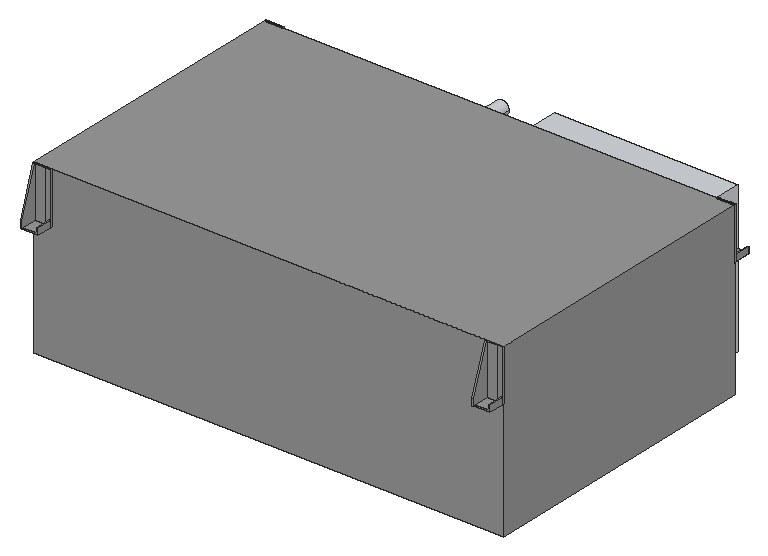
Revit family "НЕВАТОМ_Neiva 2 подвесная С-W-R 1500, Версия 2", category Оборудование, Revit 2017
Family settings
  Размер круглого соединителя = Использовать диаметр
  Тип детали = Нормальный
  На основе рабочей плоскости = Да
  Всегда вертикально = Нет
  При загрузке вырезать с полостями = Нет
  Общий = Нет
  Точка расчета площади = Нет
Parameters (values of type "C-1500-W-R")
  расстояние справа от щита = 592 mm
  расстояние до щита = 0 mm
  п5 = 468 mm
  п4 = 418 mm
  п3 = 230 mm
  п2 = 178 mm
  п1 = 128 mm
  длина щита = 440 mm
  длина ПВУ = 1130 mm
  глубина щита = 100 mm
  глубина ПВУ = 694 mm
  высота щита = 360 mm
  высота ПВУ = 410 mm
  вводный канал с = 945 mm
  вводный канал а = 946 mm
  вводный канал d = 255.081 mm
  вводный канал b = 68 mm
  Питание, В = "220"
  Default Elevation = 0 mm
  А6 = 340 mm
  s = 16.514 mm
  m = 38.324 mm
  k  длина = 313 mm
  g6 = 200 mm
  g5 = 240 mm
  g4 = 75 mm
  g3 = 130 mm
  g1 = 18 mm
  f6 = 24.614 mm
  f5 = 64.614 mm
  f4 = 63.91 mm
  f3 = 44.614 mm
  f2 = 44.614 mm
  f1 = 39.65 mm
  d вниз = 60 mm
  c низ влево = 620 mm
  b4 = 75 mm
  b3 = 126 mm
  b2 = 174 mm
  b1 = 272 mm
  b вверх = 80 mm
  a влево = 578 mm
  PG = 0 mm
  Nevatom_Регулятор воздуха = ""
  Nevatom_Производительность = ""
  Nevatom_Напорная характеристика, Р1 = 200.0 Pa
  Nevatom_Напорная характеристика, P = 0.0 Pa
  Nevatom_Мощность нагревателя = 0 W
  Nevatom_Для задания электроснабжения = ""
  Nevatom_URL = ""
  Nevatom_Q1, м³/ч = 2880.0 m³/h
  Nevatom_Q, м³/ч = 1800.0 m³/h
  ADSK_Ток = 4.55 A
  ADSK_Температура воздуха на выходе из нагревателя = 70 °C
  ADSK_Температура воздуха на входе в нагреватель = 90 °C
  ADSK_Расход жидкости = 0.0 m³/h
  ADSK_Расход воздуха = 0.0 m³/h
  ADSK_Размер_Ширина = глубина ПВУ  # 694 mm
  ADSK_Размер_Длина = длина ПВУ  # 1130 mm
  ADSK_Размер_Высота = высота ПВУ  # 410 mm
  ADSK_Потеря давления воздуха = 0.0 Pa
  ADSK_Полная мощность = ADSK_Номинальная мощность / ADSK_Коэффициент мощности  # 747.5 VA
  ADSK_Позиция = ""
  ADSK_Номинальная мощность = 598 W
  ADSK_Напряжение = 230 V
  ADSK_Наименование = "C-1500-W-R"
  ADSK_Материал наименование = "сталь оцинкованная крашенная"
  ADSK_Масса = 168  # constant formula
  ADSK_Марка = "C-1500-W-R"
  ADSK_Коэффициент мощности = 0.8  # constant formula
  ADSK_Количество фаз числовое = 3  # constant formula
  ADSK_Количество фаз = 3
  ADSK_Количество = 1  # constant formula
  ADSK_Код изделия = ""
  ADSK_Завод-изготовитель = "НЕВАТОМ"  # constant formula
  ADSK_Единица измерения = "шт."  # constant formula
  A1 = 650 mm
Reference planes
  plane 1 "По центру (Вперед/Назад)": y = 0
  plane 2: z = 0
  plane 3 "По центру (Влево/Вправо)": x = 0
  plane 4: y = 782.601
  plane 5: y = 88.601
  plane 6: x = -730
  plane 7: x = 400
  plane 8: y = -11.399
  plane 9: x = -632
  plane 10: z = 410
  plane 11: x = -192
  plane 12: z = 0
  plane 13: z = 0
  plane 14: z = 360
  plane 15: y = 782.601
Forms (mm)
  Extrusion 1, solid, material "Сталь, окрашенная, слоновая кость, матовая"
    sketch origin (0, 0, 0) x (1, 0, 0) y (0, 1, 0)
      loop
        line (-730, 782.601) -> (-730, 88.601) -> (400, 88.601) -> (400, 782.601) -> (-730, 782.601)
    from 0 to 410
  Extrusion 2, solid
    sketch origin (520, 871.201, 25) x (1, 0, 0) y (0, 1, 0)
      loop
        line (-632, 11.399) -> (-632, -88.601) -> (-192, -88.601) -> (-192, 11.399) -> (-632, 11.399)
    from 0 to 360
Dimensions and locks
  plane 6 to plane 3 "По центру (Влево/Вправо)" to plane 7 = 730 mm, 400 mm
  "длина ПВУ": plane 6 to plane 7
  plane 4 to plane 5 to plane 1 "По центру (Вперед/Назад)" = 694 mm, 88.601 mm
  "глубина ПВУ": plane 4 to plane 5
  "глубина щита": plane 5 to plane 8
  "расстояние справа от щита": plane 11 to plane 7
  "высота ПВУ": plane 10 to level
  plane 12 to level = 0 mm
  "расстояние до щита": plane 13 to plane 12
  "высота щита": plane 14 to plane 13
  "длина щита": plane 11 to plane 9
  aligned and locked: level to plane 2
  aligned and locked: Extrusion 1 sketch curve to plane 4
  aligned and locked: plane 6 to Extrusion 1 sketch curve
  aligned and locked: Extrusion 1 sketch curve to plane 7
  aligned and locked: Extrusion 1 to plane 5
  aligned and locked: Extrusion 1 to plane 10
  aligned and locked: plane 7 to nested 4
  aligned and locked: Extrusion 2 to nested 11
  aligned and locked: Extrusion 2 to nested 12
  aligned and locked: Extrusion 2 to nested 13
Automatic sketch dimensions
  Extrusion 1 sketch curve to plane 5 = 0 mm
  Extrusion 2 sketch curve to plane 4 = 0 mm
  plane 11 to Extrusion 2 sketch curve = 80 mm
  Extrusion 2 sketch curve to plane 7 = 72 mm
  Extrusion 2 sketch curve to Extrusion 2 sketch curve = 100 mm
Nested families
  nested 1: "кронштейн" at (-707.156, 69.201, 413.126) x (1, 0, 0) z (0, 0, -1), type "кронштейн"
  nested 2: "кронштейн" at (380.844, 69.201, 413.126) x (1, 0, 0) z (0, 0, -1), type "кронштейн"
  nested 3: "кронштейн" at (-707.156, 802, 413.126) x (1, 0, 0) z (0, 0, -1), type "кронштейн"
  nested 4: "кронштейн" at (380.844, 802, 413.126) x (1, 0, 0) z (0, 0, -1), type "кронштейн"
  nested 5: "патрубок NWP" at (-252, 782.601, 340) x (1, 0, 0) z (0, 1, 0), type "патрубок NWP"
  nested 6: "патрубок NWP" at (-210, 782.601, 60) x (1, 0, 0) z (0, 1, 0), type "патрубок NWP"
  nested 7: "кабельный ввод PG16" at (-112, 832.601, 95) x (0, 1, 0) z (-1, 0, 0), type "PG16"
  nested 8: "кабельный ввод PG11" at (-112, 831.879, 155) x (0, 1, 0) z (-1, 0, 0), type "PG11"
  nested 9: "выключатель пластик" at (293, 838.015, 125) x (0, -1, 0) z (1, 0, 0), type "выключатель пластик"
  nested 10: "кабельный ввод PG16" at (328, 832.601, 65) x (0, 1, 0) z (1, 0, 0), type "PG16"
  nested 11: "кабельный ввод PG21" at (243, 827.001, 25) x (-1, 0, 0) z (0, 0, -1), type "PG21"
  nested 12: "кабельный ввод PG11" at (194, 827.001, 25) x (-1, 0, 0) z (0, 0, -1), type "PG11"
  nested 13: "кабельный ввод PG11" at (152, 827.001, 25) x (-1, 0, 0) z (0, 0, -1), type "PG11"
  nested 14: "кабельный ввод PG11" at (-82, 812.001, 25) x (-1, 0, 0) z (0, 0, -1), type "PG11"
  nested 15: "кабельный ввод PG11" at (-32, 827.001, 25) x (-1, 0, 0) z (0, 0, -1), type "PG11"
  nested 16: "термостат" at (-341, 821.601, 289.5) x (-1, 0, 0) z (0, -1, 0), type "термостат"
  nested 17: "кабельный ввод PG11" at (-460, 782.601, 80.986) x (1, 0, 0) z (0, 1, 0), type "PG11"
  nested 18: "кабельный ввод PG11" at (-460.315, 782.601, 130.986) x (1, 0, 0) z (0, 1, 0), type "PG11"
  nested 19: "кабельный ввод PG11" at (-460.315, 782.601, 180.986) x (1, 0, 0) z (0, 1, 0), type "PG11"
  nested 20: "кабельный ввод PG11" at (-82, 857.001, 25) x (-1, 0, 0) z (0, 0, -1), type "PG11"
  nested 21: "кабельный ввод PG11" at (-112, 831.879, 215) x (0, 1, 0) z (-1, 0, 0), type "PG11"
  nested 22: "кабельный ввод PG11" at (-112, 831.879, 275) x (0, 1, 0) z (-1, 0, 0), type "PG11"
  nested 23: "кабельный ввод PG11" at (-112, 831.879, 335) x (0, 1, 0) z (-1, 0, 0), type "PG11"
Connectors
  hvac at (400, 435.601, 205), driven by "А6", driven by "A1", driven by "ADSK_Расход воздуха", driven by "ADSK_Потеря давления воздуха"
    settings: on Extrusion 1, index 1, duct flow 0.0 m³/h, flow factor 0, pres drop 0.0 Pa, loss coef 0, conn angle 0.00°, conn width 650 mm, conn height 340 mm, conn diameter 609.6 mm, duct sys type 1, conn prof type 1, flow config 0, flow direction 1, loss method 4, conn ref index 2, conn util no, is conn primary yes, conn desc ""
  hvac at (-730, 435.601, 205), driven by "А6", driven by "A1", driven by "ADSK_Расход воздуха", driven by "ADSK_Потеря давления воздуха"
    settings: on Extrusion 1, index 2, duct flow 0.0 m³/h, flow factor 0, pres drop 0.0 Pa, loss coef 0, conn angle 0.00°, conn width 650 mm, conn height 340 mm, conn diameter 609.6 mm, duct sys type 1, conn prof type 1, flow config 0, flow direction 2, loss method 4, conn ref index 1, conn util no, is conn primary no, conn desc ""
  electrical at (328, 832.601, 65)
    settings: on nested 10, index 3, voltage 0 V, apparent load 0 VA, apparent load phase1 0 VA, apparent load phase2 0 VA, apparent load phase3 0 VA, power factor 1, load classification "Прочее", number of poles 1, system type 14, power factor state 1, is connector primary yes, connector utility no, sub classification motor no, connector description ""
  electrical at (243, 827.001, 25), driven by "ADSK_Напряжение", driven by "ADSK_Полная мощность", driven by "ADSK_Количество фаз", driven by "ADSK_Коэффициент мощности"
    settings: on nested 11, index 4, voltage 230 V, apparent load 0 VA, apparent load phase1 747.5 VA, apparent load phase2 0 VA, apparent load phase3 0 VA, power factor 0.8, load classification "Прочее", number of poles 3, system type 31, power factor state 1, is connector primary no, connector utility no, sub classification motor no, connector description ""
  electrical at (194, 827.001, 25)
    settings: on nested 12, index 5, voltage 0 V, apparent load 0 VA, apparent load phase1 0 VA, apparent load phase2 0 VA, apparent load phase3 0 VA, power factor 1, load classification "Прочее", number of poles 1, system type 5, power factor state 1, is connector primary no, connector utility no, sub classification motor no, connector description ""
  electrical at (152, 827.001, 25)
    settings: on nested 13, index 6, voltage 0 V, apparent load 0 VA, apparent load phase1 0 VA, apparent load phase2 0 VA, apparent load phase3 0 VA, power factor 1, load classification "Прочее", number of poles 1, system type 5, power factor state 1, is connector primary no, connector utility no, sub classification motor no, connector description ""
  electrical at (-32, 827.001, 25)
    settings: on nested 15, index 7, voltage 0 V, apparent load 0 VA, apparent load phase1 0 VA, apparent load phase2 0 VA, apparent load phase3 0 VA, power factor 1, load classification "Прочее", number of poles 1, system type 14, power factor state 1, is connector primary no, connector utility no, sub classification motor no, connector description ""
  electrical at (-82, 812.001, 25)
    settings: on nested 14, index 8, voltage 0 V, apparent load 0 VA, apparent load phase1 0 VA, apparent load phase2 0 VA, apparent load phase3 0 VA, power factor 1, load classification "Прочее", number of poles 1, system type 14, power factor state 1, is connector primary no, connector utility no, sub classification motor no, connector description ""
  electrical at (-82, 857.001, 25)
    settings: on nested 20, index 9, voltage 0 V, apparent load 0 VA, apparent load phase1 0 VA, apparent load phase2 0 VA, apparent load phase3 0 VA, power factor 1, load classification "Прочее", number of poles 1, system type 14, power factor state 1, is connector primary no, connector utility no, sub classification motor no, connector description ""
  electrical at (-112, 832.601, 95)
    settings: on nested 7, index 10, voltage 0 V, apparent load 0 VA, apparent load phase1 0 VA, apparent load phase2 0 VA, apparent load phase3 0 VA, power factor 1, load classification "Прочее", number of poles 1, system type 14, power factor state 1, is connector primary no, connector utility no, sub classification motor no, connector description ""
  electrical at (-112, 831.879, 155)
    settings: on nested 8, index 11, voltage 0 V, apparent load 0 VA, apparent load phase1 0 VA, apparent load phase2 0 VA, apparent load phase3 0 VA, power factor 1, load classification "Прочее", number of poles 1, system type 14, power factor state 1, is connector primary no, connector utility no, sub classification motor no, connector description ""
  electrical at (-112, 831.879, 215)
    settings: on nested 21, index 12, voltage 0 V, apparent load 0 VA, apparent load phase1 0 VA, apparent load phase2 0 VA, apparent load phase3 0 VA, power factor 1, load classification "Прочее", number of poles 1, system type 14, power factor state 1, is connector primary no, connector utility no, sub classification motor no, connector description ""
  electrical at (-112, 831.879, 275)
    settings: on nested 22, index 13, voltage 0 V, apparent load 0 VA, apparent load phase1 0 VA, apparent load phase2 0 VA, apparent load phase3 0 VA, power factor 1, load classification "Прочее", number of poles 1, system type 5, power factor state 1, is connector primary no, connector utility no, sub classification motor no, connector description ""
  electrical at (-112, 831.879, 335)
    settings: on nested 23, index 14, voltage 0 V, apparent load 0 VA, apparent load phase1 0 VA, apparent load phase2 0 VA, apparent load phase3 0 VA, power factor 1, load classification "Прочее", number of poles 1, system type 5, power factor state 1, is connector primary no, connector utility no, sub classification motor no, connector description ""
  piping at (-210, 898.601, 60), diameter 30, driven by "ADSK_Расход жидкости"
    settings: on nested 6, index 15, connector inside diameter 609.6 mm, connector length 0 mm, flow factor 0, pipe flow 0.0 m³/h, pressure drop 0.0 Pa, fitting loss kfactor 0, connector angle 0.00°, fixture units 0, engagement length 0 mm, angle of deflection 0.00°, flow configuration 0, flow direction 0, fitting loss method 0, system type 19, joint type 0, gender type 0, connector reference index -1, connector utility 0, adjustable connector no, is connector primary yes, connector description ""
  piping at (-252, 898.601, 340), diameter 30, driven by "ADSK_Расход жидкости"
    settings: on nested 5, index 16, connector inside diameter 609.6 mm, connector length 0 mm, flow factor 0, pipe flow 0.0 m³/h, pressure drop 0.0 Pa, fitting loss kfactor 0, connector angle 0.00°, fixture units 0, engagement length 0 mm, angle of deflection 0.00°, flow configuration 0, flow direction 0, fitting loss method 0, system type 19, joint type 0, gender type 0, connector reference index -1, connector utility 0, adjustable connector no, is connector primary no, connector description ""
Definition of nested family "кронштейн"
  Reference planes
    plane 1 "По центру (Вперед/Назад)": y = 0
    plane 2: z = 0
    plane 3 "По центру (Влево/Вправо)": x = 0
  Forms (mm)
    Extrusion 1, solid
      sketch origin (-545.844, 366.399, 0) x (0, 1, 0) y (0, 0, 1)
        loop
          line (-351.118, 126.794) -> (-389, 126.794) -> (-389, 111.794) -> (-351.118, 3.126) -> (-351.118, 126.794)
      from 523 to 527.712
    Extrusion 2, solid
      sketch origin (-545.844, 301.399, 0) x (1, 0, 0) y (0, 0, 1)
        loop
          line (557.712, 126.794) -> (557.712, 123.742) -> (561.763, 123.742) -> (561.763, 111.794) -> (565, 111.794) -> (565, 126.794) -> (557.712, 126.794)
      from 286.118 to 324
    Extrusion 3, solid
      sketch origin (-545.844, 301.399, 20) x (1, 0, 0) y (0, 0, 1)
        loop
          line (565, -16.874) -> (565, 106.794) -> (553, 106.794) -> (553, -16.874) -> (565, -16.874)
      from 282 to 286.118
    Extrusion 4, solid
      sketch origin (-545.844, 301.399, 20) x (1, 0, 0) y (0, 0, 1)
        loop
          line (565, -16.874) -> (565, 106.794) -> (523, 106.794) -> (523, -16.874) -> (565, -16.874)
      from 282 to 286.118
    Extrusion 5, solid
      sketch origin (-545.844, 301.399, 0) x (1, 0, 0) y (0, 0, 1)
        loop
          line (527.712, 126.794) -> (527.712, 123.742) -> (561.763, 123.742) -> (561.763, 111.794) -> (565, 111.794) -> (565, 126.794) -> (527.712, 126.794)
      from 286.118 to 324
  Dimensions and locks
    aligned and locked: level to plane 2
Definition of nested family "патрубок NWP"
  Parameters (values of type "патрубок NWP")
    Default Elevation = 1219.2 mm
    d = 35 mm
    H = 116 mm
    D1 = 33 mm
    D патрубка = 33 mm
    D = 65 mm
  Reference planes
    plane 1 "По центру (Вперед/Назад)": y = 0
    plane 2: z = 0
    plane 3 "По центру (Влево/Вправо)": x = 0
    plane 4: z = 116
  Forms (mm)
    Extrusion 1, solid
      sketch origin (0, 0, 0) x (1, 0, 0) y (0, 1, 0)
        loop
          circle (0, 0) r 17.5
        loop
          circle (0, 0) r 32.5
        loop
          circle (0, 25.572) r 2.341
        loop
          circle (25.506, 0) r 2.503
        loop
          circle (0, -25.338) r 2.519
        loop
          circle (-26.427, 0) r 2.503
      from 0 to 2
    Extrusion 2, solid
      sketch origin (0, 0, 0) x (1, 0, 0) y (0, 1, 0)
        loop
          circle (0, 0) r 16.5
      from 0 to 116
  Dimensions and locks
    "H": plane 4 to level
    "D": diameter of Extrusion 1 sketch curve
    "d": diameter of Extrusion 1 sketch curve
    "D1": diameter of Extrusion 2 sketch curve
    "D патрубка": diameter of Extrusion 2
    aligned and locked: level to plane 2
    aligned and locked: plane 4 to Extrusion 2
    aligned and locked: Extrusion 1 to level
  Automatic sketch dimensions
    Extrusion 1 sketch curve to Extrusion 1 sketch curve = 0 mm  (x2)
    plane 1 "По центру (Вперед/Назад)" to Extrusion 1 sketch curve = 0 mm  (x3)
    Extrusion 1 sketch curve to plane 3 "По центру (Влево/Вправо)" = 0 mm  (x3)
    Extrusion 1 sketch curve to plane 3 "По центру (Влево/Вправо)" = 26.427 mm
    plane 3 "По центру (Влево/Вправо)" to Extrusion 1 sketch curve = 25.506 mm
    plane 1 "По центру (Вперед/Назад)" to Extrusion 1 sketch curve = 25.338 mm
    Extrusion 1 sketch curve to plane 1 "По центру (Вперед/Назад)" = 25.572 mm
    plane 1 "По центру (Вперед/Назад)" to Extrusion 2 sketch curve = 0 mm
    Extrusion 2 sketch curve to plane 3 "По центру (Влево/Вправо)" = 0 mm
    radius of Extrusion 1 sketch curve = 2.341 mm
    radius of Extrusion 1 sketch curve = 2.503 mm  (x2)
    radius of Extrusion 1 sketch curve = 2.519 mm
Definition of nested family "кабельный ввод PG16"
  Parameters (values of type "PG16")
    Default Elevation = 1219.2 mm
    d = 10 mm
    b = 25.371 mm
    a = 21.972 mm
    H = 28 mm
  Reference planes
    plane 1 "По центру (Вперед/Назад)": y = 0
    plane 2: z = 0
    plane 3 "По центру (Влево/Вправо)": x = 0
    plane 4: z = 28
    plane 5: z = 18
  Forms (mm)
    Blend 1, solid
      base sketch origin (0, 0, 0) x (1, 0, 0) y (0, 1, 0)
        loop
          circle (0, 0) r 10
      top sketch origin (0, 0, 0) x (1, 0, 0) y (0, 1, 0)
        loop
          circle (0, 0) r 5
      from 18 to 28
    Extrusion 2, void
      sketch origin (0, 0, 0) x (1, 0, 0) y (0, 1, 0)
        loop
          circle (0, 0) r 5.415
      from 0 to 28
    Extrusion 3, solid
      sketch origin (0, 0, 0) x (1, 0, 0) y (0, 1, 0)
        loop
          circle (0, 0) r 5.415
        loop
          line (13.498, 0) -> (6.749, 11.69) -> (-6.749, 11.69) -> (-13.498, 0) -> (-6.749, -11.69) -> (6.749, -11.69) -> (13.498, 0)
      from 0 to 18
  Cuts and joins
    Extrusion 2 cuts Blend 1
  Dimensions and locks
    "H": plane 4 to level
    aligned and locked: level to plane 2
  Automatic sketch dimensions
    plane 1 "По центру (Вперед/Назад)" to Blend 1 sketch curve = 0 mm  (x2)
    Blend 1 sketch curve to plane 3 "По центру (Влево/Вправо)" = 0 mm  (x2)
    plane 1 "По центру (Вперед/Назад)" to Extrusion 2 sketch curve = 0 mm
    Extrusion 2 sketch curve to plane 3 "По центру (Влево/Вправо)" = 0 mm
    plane 1 "По центру (Вперед/Назад)" to Extrusion 3 sketch curve = 0 mm
    Extrusion 3 sketch curve to plane 3 "По центру (Влево/Вправо)" = 0 mm
    radius of Blend 1 sketch curve = 5 mm
    radius of Extrusion 2 sketch curve = 5.415 mm
    radius of Blend 1 sketch curve = 10 mm
    radius of Extrusion 3 sketch curve = 5.415 mm
Definition of nested family "кабельный ввод PG11"
  Parameters (values of type "PG11")
    Default Elevation = 1219.2 mm
    d = 10 mm
    b = 25.371 mm
    a = 21.972 mm
    H = 26 mm
  Types (4, lengths in mm): name | H
    (no name) | 26
    PG11 | 26
    PG16 | 28
    PG21 | 33
  Reference planes
    plane 1 "По центру (Вперед/Назад)": y = 0
    plane 2: z = 0
    plane 3 "По центру (Влево/Вправо)": x = 0
    plane 4: z = 26
    plane 5: z = 18
    plane 6: x = -12.685
  Forms (mm)
    Extrusion 1, solid
      sketch origin (0, 0, 0) x (1, 0, 0) y (0, 1, 0)
        loop
          line (12.685, 0) -> (6.343, 10.986) -> (-6.343, 10.986) -> (-12.685, 0) -> (-6.343, -10.986) -> (6.343, -10.986) -> (12.685, 0)
        loop
          circle (0, 0) r 5
      from 0 to 18
    Blend 2, solid
      base sketch origin (0, 0, 0) x (1, 0, 0) y (0, 1, 0)
        loop
          circle (0, 0) r 10
      top sketch origin (0, 0, 0) x (1, 0, 0) y (0, 1, 0)
        loop
          circle (0, 0) r 5
      from 18 to 26
    Extrusion 3, void
      sketch origin (0, 0, 0) x (1, 0, 0) y (0, 1, 0)
        loop
          circle (0, 0) r 5.415
      from 0 to 26
  Cuts and joins
    Extrusion 3 cuts Extrusion 1
    Extrusion 3 cuts Blend 2
  Dimensions and locks
    "H": plane 4 to level
    aligned and locked: level to plane 2
  Automatic sketch dimensions
    plane 1 "По центру (Вперед/Назад)" to Extrusion 1 sketch curve = 0 mm  (x3)
    Extrusion 1 sketch curve to plane 6 = 0 mm
    Extrusion 1 sketch curve to plane 3 "По центру (Влево/Вправо)" = 0 mm
    Extrusion 1 sketch curve to plane 3 "По центру (Влево/Вправо)" = 6.343 mm  (x2)
    plane 3 "По центру (Влево/Вправо)" to Extrusion 1 sketch curve = 6.343 mm  (x2)
    Extrusion 1 sketch curve to Extrusion 1 sketch curve = 6.343 mm
    plane 1 "По центру (Вперед/Назад)" to Extrusion 1 sketch curve = 10.986 mm
    Extrusion 1 sketch curve to plane 1 "По центру (Вперед/Назад)" = 10.986 mm
    plane 1 "По центру (Вперед/Назад)" to Blend 2 sketch curve = 0 mm  (x2)
    Blend 2 sketch curve to plane 3 "По центру (Влево/Вправо)" = 0 mm  (x2)
    plane 1 "По центру (Вперед/Назад)" to Extrusion 3 sketch curve = 0 mm
    Extrusion 3 sketch curve to plane 3 "По центру (Влево/Вправо)" = 0 mm
    radius of Extrusion 1 sketch curve = 5 mm
    radius of Blend 2 sketch curve = 10 mm
    radius of Blend 2 sketch curve = 5 mm
    radius of Extrusion 3 sketch curve = 5.415 mm
Definition of nested family "выключатель пластик"
  Parameters (values of type "выключатель пластик")
    Default Elevation = 1219.2 mm
    h = 18 mm
    b = 44 mm
    a = 44 mm
  Reference planes
    plane 1 "По центру (Вперед/Назад)": y = 0
    plane 2: z = 0
    plane 3 "По центру (Влево/Вправо)": x = 0
    plane 4: x = -22
    plane 5: x = 22
    plane 6: y = -22
    plane 7: y = 22
    plane 8: z = 18
  Forms (mm)
    Extrusion 1, solid
      sketch origin (0, 0, 0) x (1, 0, 0) y (0, 1, 0)
        loop
          line (-22, 22) -> (-22, -22) -> (22, -22) -> (22, 22) -> (-22, 22)
      from 5 to 10
    Extrusion 2, solid
      sketch origin (0, 0, 0) x (1, 0, 0) y (0, 1, 0)
        loop
          circle (0, 0) r 17.083
        loop
          circle (0, 0) r 13.032
      from 10 to 20
    Extrusion 3, solid
      sketch origin (0, 0, 0) x (1, 0, 0) y (0, 1, 0)
        loop
          line (-1.523, -13.032) -> (1.565, -13.032) -> (1.565, 12.938) -> (-1.523, 12.938) -> (-1.523, -13.032)
      from 5 to 20
  Cuts and joins
    joined: Extrusion 1, Extrusion 2
  Dimensions and locks
    equal spacing: plane 7, plane 1 "По центру (Вперед/Назад)", plane 6
    "a": plane 7 to plane 6
    equal spacing: plane 4, plane 3 "По центру (Влево/Вправо)", plane 5
    "b": plane 4 to plane 5
    "h": plane 8 to level
    aligned and locked: level to plane 2
  Automatic sketch dimensions
    Extrusion 1 sketch curve to plane 4 = 0 mm
    Extrusion 1 sketch curve to plane 5 = 0 mm
    Extrusion 1 sketch curve to plane 6 = 0 mm
    Extrusion 1 sketch curve to plane 7 = 0 mm
    Extrusion 2 sketch curve to Extrusion 2 sketch curve = 0 mm  (x2)
    plane 1 "По центру (Вперед/Назад)" to Extrusion 2 sketch curve = 0 mm
    Extrusion 2 sketch curve to plane 3 "По центру (Влево/Вправо)" = 0 mm
    Extrusion 3 sketch curve to plane 3 "По центру (Влево/Вправо)" = 1.523 mm
    plane 3 "По центру (Влево/Вправо)" to Extrusion 3 sketch curve = 1.565 mm
    plane 6 to Extrusion 3 sketch curve = 8.968 mm
    Extrusion 3 sketch curve to plane 7 = 9.062 mm
    radius of Extrusion 2 sketch curve = 17.083 mm
    radius of Extrusion 2 sketch curve = 13.032 mm
Definition of nested family "кабельный ввод PG21"
  Parameters (values of type "PG11")
    Default Elevation = 1219.2 mm
    d = 10 mm
    b = 25.371 mm
    a = 21.972 mm
    H = 32 mm
  Types (4, lengths in mm): name | H
    (no name) | 26
    PG11 | 32
    PG16 | 28
    PG21 | 33
  Reference planes
    plane 1 "По центру (Вперед/Назад)": y = 0
    plane 2: z = 0
    plane 3 "По центру (Влево/Вправо)": x = 0
    plane 4: z = 32
    plane 5: z = 18
  Forms (mm)
    Blend 1, solid
      base sketch origin (0, 0, 0) x (1, 0, 0) y (0, 1, 0)
        loop
          circle (0, 0) r 14
      top sketch origin (0, 0, 0) x (1, 0, 0) y (0, 1, 0)
        loop
          circle (0, 0) r 5
      from 22.641 to 32
    Extrusion 2, void
      sketch origin (0, 0, 0) x (1, 0, 0) y (0, 1, 0)
        loop
          circle (0, 0) r 5.415
      from 0 to 32
    Extrusion 3, solid
      sketch origin (0, 0, 0) x (0.999848, 0.017452, 0) y (-0.017452, 0.999848, 0)
        loop
          circle (0, 0) r 6.071
        loop
          line (18.415, -0.321) -> (9.486, 15.787) -> (-8.929, 16.108) -> (-18.415, 0.321) -> (-9.486, -15.787) -> (8.929, -16.108) -> (18.415, -0.321)
      from 0 to 22.641
  Cuts and joins
    Extrusion 2 cuts Blend 1
  Dimensions and locks
    "H": plane 4 to level
    aligned and locked: level to plane 2
  Automatic sketch dimensions
    plane 1 "По центру (Вперед/Назад)" to Blend 1 sketch curve = 0 mm  (x2)
    Blend 1 sketch curve to plane 3 "По центру (Влево/Вправо)" = 0 mm  (x2)
    plane 1 "По центру (Вперед/Назад)" to Extrusion 2 sketch curve = 0 mm
    Extrusion 2 sketch curve to plane 3 "По центру (Влево/Вправо)" = 0 mm
    plane 1 "По центру (Вперед/Назад)" to Extrusion 3 sketch curve = 0 mm  (x3)
    Extrusion 3 sketch curve to plane 3 "По центру (Влево/Вправо)" = 0 mm
    Extrusion 3 sketch curve to Extrusion 3 sketch curve = 9.486 mm  (x2)
    Extrusion 3 sketch curve to Extrusion 3 sketch curve = 0.321 mm
    Extrusion 3 sketch curve to Extrusion 3 sketch curve = 8.929 mm  (x2)
    Extrusion 3 sketch curve to Extrusion 3 sketch curve = 18.415 mm  (x2)
    Extrusion 3 sketch curve to Extrusion 3 sketch curve = 16.108 mm  (x2)
    Extrusion 3 sketch curve to Extrusion 3 sketch curve = 15.787 mm
    radius of Blend 1 sketch curve = 14 mm
    radius of Blend 1 sketch curve = 5 mm
    radius of Extrusion 2 sketch curve = 5.415 mm
    radius of Extrusion 3 sketch curve = 6.071 mm
Definition of nested family "термостат"
  Parameters (values of type "термостат")
    Default Elevation = 1219.2 mm
    h = 39 mm
    b = 61 mm
    a = 74 mm
  Reference planes
    plane 1 "По центру (Вперед/Назад)": y = 0
    plane 2: z = 0
    plane 3 "По центру (Влево/Вправо)": x = 0
    plane 4: y = 30.5
    plane 5: x = 37
    plane 6: x = -37
    plane 7: y = -30.5
    plane 8: z = 39
  Forms (mm)
    Extrusion 1, solid
      sketch origin (0, 0, 0) x (1, 0, 0) y (0, 1, 0)
        loop
          line (-37, -30.5) -> (37, -30.5) -> (37, 30.5) -> (-37, 30.5) -> (-37, -30.5)
      from 0 to 39
    Extrusion 2, solid
      sketch origin (0, 0, 0) x (1, 0, 0) y (0, 0, 1)
        loop
          circle (15.272, 16.546) r 15
      from 30.5 to 43.051
    Extrusion 3, solid
      sketch origin (0, 0, 0) x (1, 0, 0) y (0, 0, 1)
        loop
          circle (-17.283, 28.063) r 2.025
      from -54.437 to -30.5
  Dimensions and locks
    "h": plane 8 to level
    equal spacing: plane 6, plane 3 "По центру (Влево/Вправо)", plane 5
    "a": plane 6 to plane 5
    equal spacing: plane 4, plane 1 "По центру (Вперед/Назад)", plane 7
    "b": plane 4 to plane 7
    aligned and locked: level to plane 2
  Automatic sketch dimensions
    Extrusion 1 sketch curve to plane 4 = 0 mm
    Extrusion 1 sketch curve to plane 6 = 0 mm
    Extrusion 1 sketch curve to plane 5 = 0 mm
    Extrusion 1 sketch curve to plane 7 = 0 mm
    plane 3 "По центру (Влево/Вправо)" to Extrusion 2 sketch curve = 15.272 mm
    level to Extrusion 2 sketch curve = 16.546 mm
    Extrusion 3 sketch curve to plane 3 "По центру (Влево/Вправо)" = 17.283 mm
    Extrusion 3 sketch curve to plane 8 = 10.937 mm
    radius of Extrusion 2 sketch curve = 15 mm
    radius of Extrusion 3 sketch curve = 2.025 mm
